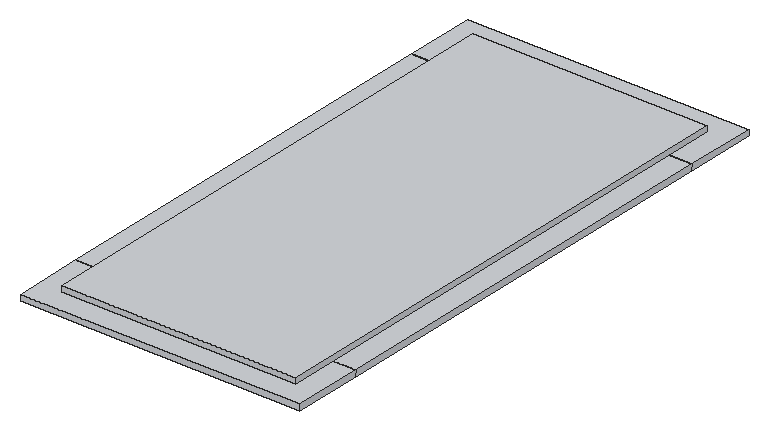
Revit family "DuctPanel_ASI-Alpaco_Frameless", category Generic Models, Revit 2015
Parameters (values of type "Fixed Panel")
  Width [instance] = 2' - 0"
  URL = "http://americanspecialties.com/"
  Type Comments = ""
  Top Join = no
  Right Join = no
  Model = "Alpaco"
  Manufacturer = "ASI-Alpaco"
  Left Join = no
  Keynote = "06 26 00"
  Height [instance] = 4' - 0"
  FlashFrame Width = 0' - 6"
  Flash Panel Thickness = 0' - 0 1/2"
  Flash Panel Finish = none
  Flash Frame Offset_Top [instance] = if((Top Join), (FlashFrame Width / 2), 0' 0")  # 0' - 0"
  Flash Frame Offset_R [instance] = if((Right Join), (FlashFrame Width / 2), 0' 0")  # 0' - 0"
  Flash Frame Offset_L [instance] = if((Left Join), (FlashFrame Width / 2), 0' 0")  # 0' - 0"
  Flash Frame Offset_Bottom [instance] = if((Bottom Join), (FlashFrame Width / 2), 0' 0")  # 0' - 0"
  Fastener Offset = 0' - 1"
  Description = "ASI Alpaco Panel"
  Default Elevation = 4' - 0"
  Cover Panel Width [instance] = 1' - 8 1/16"
  Cover Panel Thickness = 0' - 0 1/2"
  Cover Panel Height [instance] = 3' - 8 1/16"
  Cover Panel Finish = none
  Cost = 0
  Bottom Join = no
  Assembly Code = "C3010140"
  Access Panel = no
Types (2): name | Access Panel
  Fixed Panel | no
  Access Panel | yes
Reference planes (in)
  plane 1 "Center (Front/Back)": y = 0
  plane 2: z = 0
  plane 3 "Center (Left/Right)": x = 0
  plane 4 "Top": y = 24
  plane 5 "Bottom": y = -24
  plane 6 "Left": x = -12
  plane 7 "Right": x = 12
  plane 8 "FlashFront": z = 0.5
  plane 9 "PanelFront": z = 1
  plane 10: y = 18
  plane 11 "FP_T": y = 24
  plane 12: y = -18
  plane 13 "FP_B": y = -24
  plane 14 "FP_Left": x = -12
  plane 15: x = -6
  plane 16: x = 6
  plane 17 "FP_R": x = 12
  plane 18: y = -22.03125
  plane 19: y = 22.03125
  plane 20: x = -10.03125
  plane 21: x = 10.03125
  plane 22 "FastTop": y = 21.03125
  plane 23 "FastBtm": y = -21.03125
  plane 24: x = -9.03125
  plane 25: x = 9.03125
Forms (in)
  Extrusion 1, solid, material <- "Flash Panel Finish"
    sketch origin (0, 0, 0) x (1, 0, 0) y (0, 1, 0)
      loop
        line (-12, 24) -> (-12, 18) -> (12, 18) -> (12, 24) -> (-12, 24)
    from 0 to 0.5 <- "Flash Panel Thickness"
  Extrusion 2, solid, material <- "Flash Panel Finish"
    sketch origin (0, 0, 0) x (1, 0, 0) y (0, 1, 0)
      loop
        line (-12, -18) -> (-12, -24) -> (12, -24) -> (12, -18) -> (-12, -18)
    from 0 to 0.5 <- "Flash Panel Thickness"
  Extrusion 3, solid, material <- "Flash Panel Finish"
    sketch origin (0, 0, 0) x (1, 0, 0) y (0, 1, 0)
      loop
        line (-12, 18) -> (-12, -18) -> (-6, -18) -> (-6, 18) -> (-12, 18)
    from 0 to 0.5 <- "Flash Panel Thickness"
  Extrusion 4, solid, material <- "Flash Panel Finish"
    sketch origin (0, 0, 0) x (1, 0, 0) y (0, 1, 0)
      loop
        line (6, 18) -> (6, -18) -> (12, -18) -> (12, 18) -> (6, 18)
    from 0 to 0.5 <- "Flash Panel Thickness"
  Extrusion 5, solid, material <- "Cover Panel Finish"
    sketch origin (0, 0, 0.5) x (0, 1, 0) y (-1, 0, 0)
      loop
        line (22.03125, 10.03125) -> (-22.03125, 10.03125) -> (-22.03125, -10.03125) -> (22.03125, -10.03125) -> (22.03125, 10.03125)
    from 0 to 0.5 <- "Cover Panel Thickness"
  Revolve 6, solid, material "Stainless Steel", visible <- "Access Panel"
    sketch origin (0, -21.03125, 0) x (-1, 0, 0) y (0, 0, 1)
      loop
        line (9.03125, 1.0625) -> (9.03125, 1) -> (9.21875, 1)
        spline (9.21875, 1) -> (9.21715, 1.00816) -> (9.21236, 1.01618) -> (9.20448, 1.02392) -> (9.19363, 1.03125) -> (9.18, 1.03805) -> (9.16383, 1.04419) -> (9.14539, 1.04958) -> (9.125, 1.05413) -> (9.103, 1.05774) -> (9.07978, 1.06037) -> (9.05572, 1.06197) -> (9.03125, 1.0625)
      axis (9.03125, 1.0625) -> (9.03125, 1)
    angle from 0 to 360
  Revolve 7, solid, material "Stainless Steel", visible <- "Access Panel"
    sketch origin (18.0625, -21.03125, 0) x (-1, 0, 0) y (0, 0, 1)
      loop
        line (9.03125, 1.0625) -> (9.03125, 1) -> (9.21875, 1)
        spline (9.21875, 1) -> (9.21715, 1.00816) -> (9.21236, 1.01618) -> (9.20448, 1.02392) -> (9.19363, 1.03125) -> (9.18, 1.03805) -> (9.16383, 1.04419) -> (9.14539, 1.04958) -> (9.125, 1.05413) -> (9.103, 1.05774) -> (9.07978, 1.06037) -> (9.05572, 1.06197) -> (9.03125, 1.0625)
      axis (9.03125, 1.0625) -> (9.03125, 1)
    angle from 0 to 360
  Revolve 8, solid, material "Stainless Steel", visible <- "Access Panel"
    sketch origin (0, 21.03125, 0) x (-1, 0, 0) y (0, 0, 1)
      loop
        line (9.03125, 1.0625) -> (9.03125, 1) -> (9.21875, 1)
        spline (9.21875, 1) -> (9.21715, 1.00816) -> (9.21236, 1.01618) -> (9.20448, 1.02392) -> (9.19363, 1.03125) -> (9.18, 1.03805) -> (9.16383, 1.04419) -> (9.14539, 1.04958) -> (9.125, 1.05413) -> (9.103, 1.05774) -> (9.07978, 1.06037) -> (9.05572, 1.06197) -> (9.03125, 1.0625)
      axis (9.03125, 1.0625) -> (9.03125, 1)
    angle from 0 to 360
  Revolve 9, solid, material "Stainless Steel", visible <- "Access Panel"
    sketch origin (0, 21.03125, 0) x (-1, 0, 0) y (0, 0, 1)
      loop
        line (-9.03125, 1.0625) -> (-9.03125, 1) -> (-8.84375, 1)
        spline (-8.84375, 1) -> (-8.84535, 1.00816) -> (-8.85014, 1.01618) -> (-8.85802, 1.02392) -> (-8.86887, 1.03125) -> (-8.8825, 1.03805) -> (-8.89867, 1.04419) -> (-8.91711, 1.04958) -> (-8.9375, 1.05413) -> (-8.9595, 1.05774) -> (-8.98272, 1.06037) -> (-9.00678, 1.06197) -> (-9.03125, 1.0625)
      axis (-9.03125, 1.0625) -> (-9.03125, 1)
    angle from 0 to 360
Dimensions and locks (in)
  equal spacing: plane 4 "Top", plane 1 "Center (Front/Back)", plane 5 "Bottom"
  "Height": plane 4 "Top" to plane 5 "Bottom"
  equal spacing: plane 6 "Left", plane 3 "Center (Left/Right)", plane 7 "Right"
  "Width": plane 6 "Left" to plane 7 "Right"
  "Flash Panel Thickness": plane 8 "FlashFront" to level
  "Flash Panel Thickness": plane 9 "PanelFront" to plane 8 "FlashFront"
  "FlashFrame Width": plane 11 "FP_T" to plane 10
  "FlashFrame Width": plane 12 to plane 13 "FP_B"
  "Flash Frame Offset_Top": plane 11 "FP_T" to plane 4 "Top"
  "Flash Frame Offset_Bottom": plane 5 "Bottom" to plane 13 "FP_B"
  "FlashFrame Width": plane 14 "FP_Left" to plane 15
  "FlashFrame Width": plane 16 to plane 17 "FP_R"
  "Flash Frame Offset_L": plane 14 "FP_Left" to plane 6 "Left"
  "Flash Frame Offset_R": plane 7 "Right" to plane 17 "FP_R"
  equal spacing: plane 20, plane 3 "Center (Left/Right)", plane 21
  "Cover Panel Width": plane 20 to plane 21
  equal spacing: plane 19, plane 1 "Center (Front/Back)", plane 18
  "Cover Panel Height": plane 19 to plane 18
  "Fastener Offset": plane 20 to plane 24
  "Fastener Offset": plane 25 to plane 21
  "Fastener Offset": plane 23 "FastBtm" to plane 18
  "Fastener Offset": plane 19 to plane 22 "FastTop"
  aligned and locked: plane 2 to level
  aligned and locked: Extrusion 1 sketch curve to plane 11 "FP_T"
  aligned and locked: plane 14 "FP_Left" to Extrusion 1 sketch curve
  aligned and locked: plane 10 to Extrusion 1 sketch curve
  aligned and locked: Extrusion 1 sketch curve to plane 17 "FP_R"
  aligned and locked: Extrusion 2 sketch curve to plane 12
  aligned and locked: plane 14 "FP_Left" to Extrusion 2 sketch curve
  aligned and locked: plane 13 "FP_B" to Extrusion 2 sketch curve
  aligned and locked: Extrusion 2 sketch curve to plane 17 "FP_R"
  aligned and locked: plane 14 "FP_Left" to Extrusion 3 sketch curve
  aligned and locked: Extrusion 3 sketch curve to plane 15
  aligned and locked: Extrusion 3 sketch curve to plane 10
  aligned and locked: plane 12 to Extrusion 3 sketch curve
  aligned and locked: plane 16 to Extrusion 4 sketch curve
  aligned and locked: Extrusion 4 sketch curve to plane 17 "FP_R"
  aligned and locked: Extrusion 4 sketch curve to plane 10
  aligned and locked: plane 12 to Extrusion 4 sketch curve
  aligned and locked: Extrusion 5 sketch curve to plane 19
  aligned and locked: plane 20 to Extrusion 5 sketch curve
  aligned and locked: plane 18 to Extrusion 5 sketch curve
  aligned and locked: Extrusion 5 sketch curve to plane 21
  aligned and locked: plane 9 "PanelFront" to Extrusion 5
  aligned and locked: plane 9 "PanelFront" to Revolve 6 sketch curve
  aligned and locked: Revolve 6 sketch curve to plane 24
  aligned and locked: plane 9 "PanelFront" to Revolve 7 sketch curve
  aligned and locked: Revolve 7 sketch curve to plane 25
  aligned and locked: plane 9 "PanelFront" to Revolve 9 sketch curve
  aligned and locked: Revolve 9 sketch curve to plane 25
  aligned and locked: plane 9 "PanelFront" to Revolve 8 sketch curve
  aligned and locked: Revolve 8 sketch curve to plane 24
Automatic sketch dimensions
  Revolve 6 sketch curve to plane 24 = 0' - 0"
  Revolve 6 sketch curve to plane 24 = 0' - 0 3/16"
  plane 9 "PanelFront" to Revolve 6 sketch curve = 0' - 0 1/16"
  Revolve 6 sketch curve to level = 1' - 0"
  Revolve 6 sketch curve to Revolve 6 sketch curve = 7' - 10 15/16"
  Revolve 7 sketch curve to plane 25 = 0' - 0"
  Revolve 7 sketch curve to Revolve 7 sketch curve = 0' - 0 3/16"
  plane 9 "PanelFront" to Revolve 7 sketch curve = 0' - 0 1/16"
  Revolve 7 sketch curve to level = 1' - 0"
  Revolve 7 sketch curve to Revolve 7 sketch curve = 7' - 10 15/16"
  Revolve 8 sketch curve to plane 24 = 0' - 0"
  Revolve 8 sketch curve to plane 24 = 0' - 0 3/16"
  plane 9 "PanelFront" to Revolve 8 sketch curve = 0' - 0 1/16"
  Revolve 8 sketch curve to level = 1' - 0"
  Revolve 8 sketch curve to Revolve 8 sketch curve = 7' - 10 15/16"
  Revolve 9 sketch curve to plane 25 = 0' - 0"
  Revolve 9 sketch curve to Revolve 9 sketch curve = 0' - 0 3/16"
  plane 9 "PanelFront" to Revolve 9 sketch curve = 0' - 0 1/16"
  Revolve 9 sketch curve to level = 1' - 0"
  Revolve 9 sketch curve to Revolve 9 sketch curve = 7' - 10 15/16"
